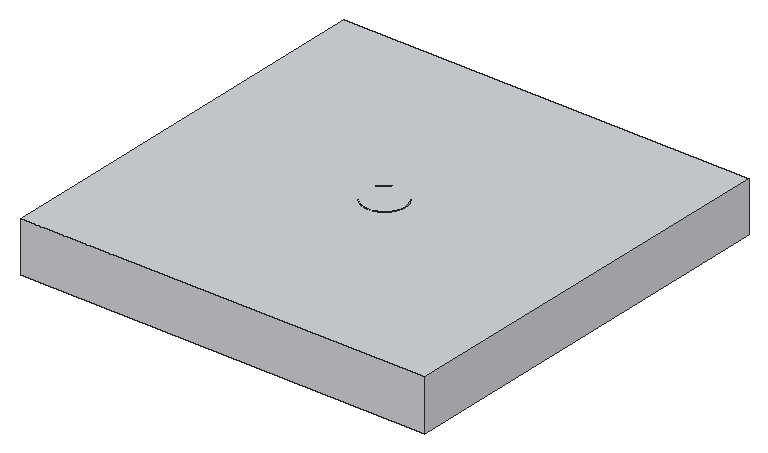
Revit family "M_Difusor de fornecimento - Circular - Pescoço redondo - Montado no forro", category Terminais de ar, Revit 2019
Family settings
  Hospedeiro = Face
  Cota do conector redondo = Usar raio
  Tipo de parte = Normal
  Número OmniClass = 23.75.70.21.27.11
  Título OmniClass = Diffusers, Registers, and Grilles
  ID de item do Seek = Supply Diffuser - Circular - Round Neck - Ceiling Mounted-0000-CAN-ENU
  Corte com vazios quando carregada = Não
  Compartilhado = Não
  Ponto de cálculo do ambiente = Não
Parameters (values of type "Face de 250 mm pescoço de 125 mm")
  Queda de pressão [instance] = 8.0 Pa
  Número da chaminé = 5
  Altura 2 = 25 mm
  Altura 1 = 152 mm
  Fluxo [instance] = 100.0 L/s
  Diâmetro do duto = Raio do duto * 2  # 125 mm
  Deslocamento do raio do difusor 4 = 4 * (Raio do difusor 1 / 5)  # 101.6 mm
  Deslocamento do raio do difusor 3 = 3 * (Raio do difusor 1 / 5)  # 76.2 mm
  Deslocamento do raio do difusor 2 = 2 * (Raio do difusor 1 / 5)  # 50.8 mm
  Deslocamento do raio do difusor 1 = Raio do difusor 1 / 5  # 25.4 mm
  Raio do difusor 2 = Diâmetro do difusor 2 / 2  # 93.5 mm
  Raio do difusor 1 = Diâmetro do difusor 1 / 2  # 127 mm
  Raio do duto = 62.5 mm
  Material do difusor = none
  Diâmetro do difusor 2 = 187 mm
  Diâmetro do difusor 1 = 254 mm
  Elevação-padrão = 1200 mm
Types (3, lengths in mm): name | Queda de pressão | Fluxo | Diâmetro do duto | Raio do duto
  (no name) | 8.0 Pa | 100.0 L/s | 125 | 62.5
  Face de 250 mm pescoço de 125 mm | 8.0 Pa | 100.0 L/s | 125 | 62.5
  Face de 250 mm pescoço de 150 mm | 13.0 Pa | 125.0 L/s | 150 | 75
Reference planes
  plane 1 "Centro (Frente/Trás)": y = 0
  plane 2: z = 0
  plane 3 "Centro (Esquerda/Direita)": x = 0
  plane 4: z = -152
  plane 5: z = -177
Forms (mm)
  Extrusion 1, solid
    sketch origin (0, 0, 0) x (1, 0, 0) y (0, 1, 0)
      loop
        line (-1219.2, 1219.2) -> (-1219.2, -1219.2) -> (1219.2, -1219.2) -> (1219.2, 1219.2) -> (-1219.2, 1219.2)
    from 0 to -304.8
  Extrusion 2, solid, material <- "Material do difusor"
    sketch origin (0, 0, 0) x (1, 0, 0) y (0, 1, 0)
      loop
        circle (0, 0) r 63.5
    from -177 to -152
  Blend 3, solid, material <- "Material do difusor"
    base sketch origin (0, 0, 0) x (1, 0, 0) y (0, 1, 0)
      loop
        circle (0, 0) r 127
    top sketch origin (0, 0, 0) x (1, 0, 0) y (0, 1, 0)
      loop
        circle (0, 0) r 93.5
    from 0 to -152
Lines and regions (mm)
  model lines
    curve 1: circle (0, 0, 0) r 25.4 normal (0, 0, 1)
    curve 2: circle (0, 0, 0) r 50.8 normal (0, 0, 1)
    curve 3: circle (0, 0, 0) r 76.2 normal (0, 0, 1)
    curve 4: circle (0, 0, 0) r 101.6 normal (0, 0, 1)
  symbolic lines
    curve 5: circle (0, 0, 0) r 127 normal (0, 0, 1)
Dimensions and locks
  "Altura 1": plane 2 to plane 4
  "Altura 2": plane 4 to plane 5
  radius of Extrusion 2 sketch curve = 63.5 mm
  "Raio do difusor 1": radius of Blend 3 sketch curve
  "Raio do difusor 2": radius of Blend 3 sketch curve
  "Deslocamento do raio do difusor 1": radius of curve 1
  "Deslocamento do raio do difusor 2": radius of curve 2
  "Deslocamento do raio do difusor 3": radius of curve 3
  "Deslocamento do raio do difusor 4": radius of curve 4
  "Raio do difusor 1": radius of curve 5
  aligned and locked: plane 2 to Extrusion 1
  aligned and locked: level to Extrusion 1
  aligned and locked: plane 1 "Centro (Frente/Trás)" to Extrusion 2 sketch curve
  aligned and locked: plane 3 "Centro (Esquerda/Direita)" to Extrusion 2 sketch curve
  aligned and locked: plane 3 "Centro (Esquerda/Direita)" to Blend 3 sketch curve  (x2)
  aligned and locked: plane 1 "Centro (Frente/Trás)" to Blend 3 sketch curve  (x2)
  aligned and locked: Extrusion 2 to plane 5
  aligned and locked: plane 4 to Extrusion 2
  aligned and locked: Blend 3 to level
  aligned and locked: Blend 3 to plane 4
  aligned and locked: plane 1 "Centro (Frente/Trás)" to curve 5
  aligned and locked: plane 3 "Centro (Esquerda/Direita)" to curve 5
Automatic sketch dimensions
  curve 1 to curve 2 = 0 mm  (x2)
  curve 1 to curve 3 = 0 mm  (x2)
  curve 1 to curve 4 = 0 mm  (x2)
  curve 1 to curve 5 = 0 mm  (x2)
  Extrusion 1 sketch curve to Extrusion 1 sketch curve = 2438.4 mm  (x2)
Connectors
  hvac at (0, 0, -177), driven by "Queda de pressão", driven by "Fluxo", driven by "Raio do duto"
    settings: on Extrusion 2, index 1, duct flow 100.0 L/s, flow factor 0, pres drop 8.0 Pa, loss coef 0, conn angle 0.00°, conn width 304.8 mm, conn height 304.8 mm, conn diameter 125 mm, duct sys type 1, conn prof type 0, flow config 1, flow direction 1, loss method 4, conn ref index -1, conn util no, is conn primary yes, conn desc ""
